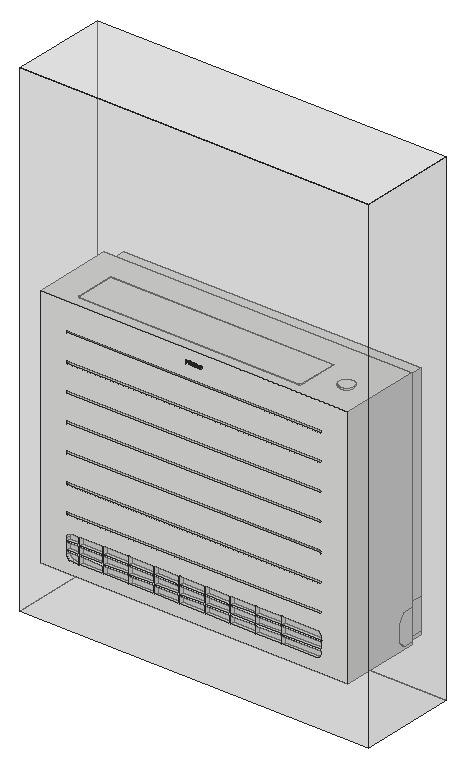
Revit family "outputfile", category 機械設備, Revit 2024
Family settings
  丸型コネクタ寸法 = 半径を使用
  パーツ タイプ = 標準
  OmniClass 番号 = 23.75.10.24.21.27.27
  OmniClass タイトル = Split System Air Conditioning Units
  作業面ベース = いいえ
  常に垂直 = はい
  ロード時にボイドで切り取り = いいえ
  注釈の向きを維持 = いいえ
  共有 = いいえ
  部屋計算ポイント = いいえ
Parameters (values of type "FVXM71YVMA")
  Description = ""
  書き出し IFC クラス(タイプ) = "IfcUnitaryEquipmentType"
  定義済み IFC タイプ(タイプ) = "AIRCONDITIONINGUNIT"
  Cost = 0
  Type Comments = ""
  Keynote = ""
  Type Image = (empty or 0)
  Assembly Code = ""
  switch_frequency = yes
  lw_powersupply [instance] = if(or(Rear Right Connection_refrigerant, Bottom Right Connection_refrigerant), 40.0 mm, if(or(Rear Left Connection_refrigerant, Bottom Left Connection_refrigerant), 630.0 mm, 40.0 mm))  # 40.0 mm
  lw_liquidpipe [instance] = if(or(Rear Right Connection_refrigerant, Bottom Right Connection_refrigerant), 60.0 mm, if(or(Rear Left Connection_refrigerant, Bottom Left Connection_refrigerant), 650.0 mm, 60.0 mm))  # 60.0 mm
  lw_gaspipe [instance] = if(or(Rear Right Connection_refrigerant, Bottom Right Connection_refrigerant), 60.0 mm, if(or(Rear Left Connection_refrigerant, Bottom Left Connection_refrigerant), 650.0 mm, 60.0 mm))  # 60.0 mm
  lw_drainpipe [instance] = if(or(Rear Right Connection_refrigerant, Bottom Right Connection_refrigerant), 80.0 mm, if(or(Rear Left Connection_refrigerant, Bottom Left Connection_refrigerant), 680.0 mm, 80.0 mm))  # 80.0 mm
  lh_liquidpipe [instance] = if(or(Bottom Left Connection_refrigerant, Bottom Right Connection_refrigerant), 258.0 mm, 60.0 mm)  # 60.0 mm
  lh_gaspipe [instance] = if(or(Bottom Left Connection_refrigerant, Bottom Right Connection_refrigerant), 211.0 mm, 40.0 mm)  # 40.0 mm
  lh_drainpipe [instance] = if(or(Bottom Left Connection_refrigerant, Bottom Right Connection_refrigerant), 95.0 mm, 20.0 mm)  # 20.0 mm
  ld_liquidpipe [instance] = if(or(Rear Left Connection_refrigerant, Rear Right Connection_refrigerant), 147.0 mm, 40.0 mm)  # 40.0 mm
  ld_gaspipe [instance] = if(or(Rear Left Connection_refrigerant, Rear Right Connection_refrigerant), 130.0 mm, 30.0 mm)  # 30.0 mm
  ld_drainpipe [instance] = if(or(Rear Left Connection_refrigerant, Rear Right Connection_refrigerant), 123.0 mm, 30.0 mm)  # 30.0 mm
  l_powersupply_length [instance] = if(Right Connection_refrigerant, 40.0 mm - 14.0 mm, if(Left Connection_refrigerant, 750.0 mm - 40.0 mm - 14.0 mm, if(or(Rear Left Connection_refrigerant, Rear Right Connection_refrigerant), 30.0 mm, 74.0 mm)))  # 26.0 mm
  l_liquidpipe_length [instance] = if(Right Connection_refrigerant, 60.0 mm - 14.0 mm, if(Left Connection_refrigerant, 750.0 mm - 60.0 mm - 14.0 mm, if(or(Rear Left Connection_refrigerant, Rear Right Connection_refrigerant), 147.0 mm, 258.0 mm)))  # 46.0 mm
  l_gaspipe_length [instance] = if(Right Connection_refrigerant, 60.0 mm - 14.0 mm, if(Left Connection_refrigerant, 750.0 mm - 60.0 mm - 14.0 mm, if(or(Rear Left Connection_refrigerant, Rear Right Connection_refrigerant), 130.0 mm, 211.0 mm)))  # 46.0 mm
  l_drainpipe_length [instance] = if(Right Connection_refrigerant, 80.0 mm - 14.0 mm, if(Left Connection_refrigerant, 750.0 mm - 80.0 mm - 14.0 mm, if(or(Rear Left Connection_refrigerant, Rear Right Connection_refrigerant), 123.0 mm, 95.0 mm)))  # 66.0 mm
  daikin_mountinghole = Depth = 350.0 mm  # no
  connector_voltage = Voltage_60Hz  # 220 V
  connector_powerinput = [Power Input (Cooling)]  # 1.970 kW
  connector_phase = Phase_60Hz  # 1
  angle_vertical [instance] = if(or(Bottom Left Connection_refrigerant, Bottom Right Connection_refrigerant), 0.00°, 90.00°)  # 90.00°
  angle_horizontal [instance] = if(Right Connection_refrigerant, 90.00°, if(Left Connection_refrigerant, -90.00°, if(or(Rear Left Connection_refrigerant, Rear Right Connection_refrigerant), 180.00°, 0.00°)))  # 90.00°
  Voltage_comment_60Hz = "220-230"
  Voltage_comment_50Hz = "220 - 240"
  Voltage_60Hz = 220 V
  Voltage_50Hz = 230 V
  URL = ""
  Total Heating Capacity [instance] = 0.000 kW
  Right Connection_refrigerant [instance] = yes
  製造元 = "Daikin"
  モデル = "FVXM71YVMA"
  r_Liquid Pipe Size = Liquid Pipe Size / 2  # 3.2 mm
  r_Gas Pipe Size = Gas Pipe Size / 2  # 6.35 mm
  r_Drain Pipe Size = Drain Pipe Size / 2  # 8.0 mm
  h*** = 0.0 mm  # constant formula
  Width = 750.0 mm
  Version = "ver.1.0"
  Unit Type = "Floor Standing"
  Unit Mass Weight = 18.00 kg
  Unit Designation [instance] = ""
  Uniclass2015Version = "Products v1.30"
  Uniclass2015Title = "Split coil room air conditioning units"
  Uniclass2015Code = "Pr_70_65_03_86"
  Total Cooling Capacity [instance] = 0.000 kW
  Sound Pressure Level_M speed (dBA) = 41
  Sound Pressure Level_L speed (dBA) = 36
  Sound Pressure Level_H speed (dBA) = 52
  Sound Power Level_H speed (dB) = 0
  Series = "Single Split_Fan Coil Unit"
  Sensible Cooling Capacity [instance] = 0.000 kW
  Refrigerant Type = "R32"
  Rear Right Connection_refrigerant [instance] = no
  Rear Left Connection_refrigerant [instance] = no
  Power Input (Heating) = 2.200 kW
  Power Input (Cooling) = 1.970 kW
  Phase_60Hz = 1
  Phase_50Hz = 1
  Option Accessory 3 [instance] = ""
  Option Accessory 2 [instance] = ""
  Option Accessory 1 [instance] = ""
  Nominal Heating Capacity = 8.000 kW
  Nominal Cooling Capacity = 6.700 kW
  Minimum External Static Pressure = 0.00 Pa
  Minimum Circuit Amps_60Hz = 0.0 A
  Minimum Circuit Amps_50Hz = 0.0 A
  Minimum Airflow = 468.00 m³/h
  Median Airflow = 582.00 m³/h
  Maximum Fuse Amps_60Hz = 0.0 A
  Maximum Fuse Amps_50Hz = 0.0 A
  Maximum External Static Pressure = 0.00 Pa
  Maximum Airflow = 876.00 m³/h
  Material_Casing = DAIKIN_White_Casing_indoorunit
  Load Classification = HVAC
  Liquid Pipe Size = 6.4 mm
  Link_Nested Family [instance] = ""
  Left Connection_refrigerant [instance] = no
  IfcVersion = ""
  IfcExportType = "AIRCONDITIONINGUNIT"
  IfcExportAs = "IfcUnitaryEquipmentType"
  Height = 600.0 mm
  Heating Entering Wet Bulb Temperature [instance] = -273.15 °C
  Heating Entering Dry Bulb Temperature [instance] = -273.15 °C
  Heating Ambient Wet Bulb Temperature [instance] = -273.15 °C
  Heating Ambient Dry Bulb Temperature [instance] = -273.15 °C
  Heat Exchanger Type = "Cross Fin Coil"
  Gas Pipe Size = 12.7 mm
  Frequency_60Hz = 60 Hz
  Frequency_50Hz = 50 Hz
  Fan Type = "Turbo Fan"
  Fan Drive = "-"
  FCU Tag No. [instance] = ""
  Drain Pipe Size = 16.0 mm
  Design Supply Airflow [instance] = 0.00 m³/h
  Design External Static Pressure [instance] = 0.00 Pa
  Depth = 238.0 mm
  既定の高さ = 0.0 mm
  Cooling Entering Wet Bulb Temperature [instance] = 0.00 °C
  Cooling Entering Dry Bulb Temperature [instance] = 0.00 °C
  Cooling Ambient Wet Bulb Temperature [instance] = 0.00 °C
  Cooling Ambient Dry Bulb Temperature [instance] = 0.00 °C
  Clearance visibility [instance] = yes
  Clearance Top = 467.0 mm
  Clearance Right = 50.0 mm
  Clearance Rear = 0.0 mm
  Clearance Left = 50.0 mm
  Clearance Front = 0.0 mm
  Clearance Bottom = 120.0 mm
  Bottom Right Connection_refrigerant [instance] = no
  Bottom Left Connection_refrigerant [instance] = no
Reference planes
  plane 1: z = 0
  plane 2 "Center (Left/Right)": x = 0
  plane 3 "Center (Front/Back)": y = -23
  plane 4 "Front": y = -142
  plane 5: x = 315
  plane 6: x = 315
  plane 7: z = 0
  plane 8: z = 467
  plane 9: z = -720
  plane 10: x = -425
  plane 11: x = 425
  plane 12: y = -142
  plane 13: y = 96
  plane 14 "Bottom": z = -600
  plane 15 "Left": x = -375
  plane 16 "Right": x = 375
  plane 17 "Top": z = 0
  plane 18 "Back": y = 96
  plane 19 "lh_drainpipe": z = -580
  plane 20 "ld_liquidpipe_gaspipe": y = 56
  plane 21 "ld_drainpipe": y = 66
  plane 22 "ld_powersupply": y = 66
  plane 23 "lh_liquidpipe": z = -540
  plane 24 "lh_gaspipe": z = -560
  plane 25 "ld_gaspipe": y = 66
  plane 26 "lw_drainpipe": x = 295
  plane 27 "lw_powersupply": x = 335
  plane 28 "lh_powersupply": z = -526
Dimensions and locks
  "Width": plane 16 "Right" to plane 15 "Left"
  equal spacing: plane 16 "Right", plane 2 "Center (Left/Right)", plane 15 "Left"
  "Clearance Rear": plane 13 to plane 18 "Back"
  "Clearance Right": plane 11 to plane 16 "Right"
  "Clearance Left": plane 15 "Left" to plane 10
  "Clearance Top": plane 8 to plane 17 "Top"
  "Clearance Bottom": plane 14 "Bottom" to plane 9
  "Height": plane 1 to plane 14 "Bottom"
  equal spacing: plane 18 "Back", plane 3 "Center (Front/Back)", plane 4 "Front"
  "Depth": plane 18 "Back" to plane 4 "Front"
  "Clearance Front": plane 4 "Front" to plane 12
  "ld_liquidpipe": plane 18 "Back" to plane 20 "ld_liquidpipe_gaspipe"
  "lh_liquidpipe": plane 23 "lh_liquidpipe" to plane 14 "Bottom"
  "lw_liquidpipe": plane 6 to plane 16 "Right"
  "ld_gaspipe": plane 18 "Back" to plane 25 "ld_gaspipe"
  "lw_gaspipe": plane 5 to plane 16 "Right"
  "lh_gaspipe": plane 24 "lh_gaspipe" to plane 14 "Bottom"
  "lh_drainpipe": plane 19 "lh_drainpipe" to plane 14 "Bottom"
  "lw_drainpipe": plane 26 "lw_drainpipe" to plane 16 "Right"
  "ld_drainpipe": plane 18 "Back" to plane 21 "ld_drainpipe"
  "lw_powersupply": plane 27 "lw_powersupply" to plane 16 "Right"
  locked: plane 18 "Back" to plane 22 "ld_powersupply" at 30
  locked: plane 28 "lh_powersupply" to plane 14 "Bottom" at 74
  aligned and locked: level to plane 1
  aligned and locked: nested 1 to plane 13
  aligned and locked: nested 1 to plane 12
  aligned and locked: plane 8 to nested 1
  aligned and locked: plane 9 to nested 1
  aligned and locked: plane 10 to nested 1
  aligned and locked: plane 11 to nested 1
  aligned and locked: nested 2 to plane 18 "Back"
  aligned and locked: plane 2 "Center (Left/Right)" to nested 2
  aligned and locked: plane 17 "Top" to nested 2
  aligned and locked: nested 3 to plane 20 "ld_liquidpipe_gaspipe"
  aligned and locked: plane 6 to nested 3
  aligned and locked: nested 4 to plane 25 "ld_gaspipe"
  aligned and locked: plane 5 to nested 4
  aligned and locked: plane 26 "lw_drainpipe" to nested 5
  aligned and locked: nested 5 to plane 21 "ld_drainpipe"
  aligned and locked: plane 27 "lw_powersupply" to nested 6
  aligned and locked: nested 6 to plane 22 "ld_powersupply"
  aligned and locked: plane 17 "Top" to plane 1
Nested families
  nested 1: "daikin_clearancespace" at (0, -23, -126.381), visible <- "Clearance visibility", show <- "Clearance visibility", Link_Nested Family <- "Link_Nested Family", type "daikin_clearancespace"
    with width 850.0 mm, show yes, height 1187.0 mm, depth 238.0 mm, Link_Nested Family ""
  nested 2: "DAIKIN_indoorunit_FVXM-YVMA" at (-31, 96, 0), type "FVXM-YVMA"
  nested 3: "daikin_connector_rotate3" at (315, 56, -540), angle_vertical <- "angle_vertical", angle_horizontal <- "angle_horizontal", radius <- "r_Liquid Pipe Size", length <- "l_liquidpipe_length", type "daikin_connector_rotate3"
    with show no, radius 3.2 mm, length 46.0 mm, angle_vertical 90.00°, angle_horizontal 90.00°
  nested 4: "daikin_connector_rotate3" at (315, 66, -560), angle_vertical <- "angle_vertical", angle_horizontal <- "angle_horizontal", length <- "l_gaspipe_length", radius <- "r_Gas Pipe Size", type "daikin_connector_rotate3"
    with show no, radius 6.35 mm, length 46.0 mm, angle_vertical 90.00°, angle_horizontal 90.00°
  nested 5: "daikin_connector_rotate3" at (295, 66, -580), angle_vertical <- "angle_vertical", angle_horizontal <- "angle_horizontal", length <- "l_drainpipe_length", radius <- "r_Drain Pipe Size", type "daikin_connector_rotate3"
    with show no, radius 8.0 mm, length 66.0 mm, angle_vertical 90.00°, angle_horizontal 90.00°
  nested 6: "daikin_connector_rotate3" at (335, 66, -526), angle_vertical <- "angle_vertical", angle_horizontal <- "angle_horizontal", length <- "l_powersupply_length", type "daikin_connector_rotate3"
    with show no, radius 10.0 mm, length 26.0 mm, angle_vertical 90.00°, angle_horizontal 90.00°
Connectors
  piping at (361, 56, -540), diameter 6.4, driven by "r_Liquid Pipe Size"
    settings: on nested 3, index 1, connector inside diameter 609.6 mm, connector length 0.0 mm, flow factor 0, pipe flow 0.00 m³/h, pressure drop 0.0 Pa, fitting loss kfactor 0, connector angle 0.00°, fixture units 0, engagement length 0.0 mm, angle of deflection 0.00°, flow configuration 1, flow direction 1, fitting loss method 0, system type 29, joint type 0, gender type 0, connector reference index -1, connector utility 0, adjustable connector no, is connector primary yes, connector description "Refrigerant Liquid Piping"
  piping at (361, 66, -560), diameter 12.7, driven by "r_Gas Pipe Size"
    settings: on nested 4, index 2, connector inside diameter 609.6 mm, connector length 0.0 mm, flow factor 0, pipe flow 0.00 m³/h, pressure drop 0.0 Pa, fitting loss kfactor 0, connector angle 0.00°, fixture units 0, engagement length 0.0 mm, angle of deflection 0.00°, flow configuration 1, flow direction 2, fitting loss method 0, system type 29, joint type 0, gender type 0, connector reference index -1, connector utility 0, adjustable connector no, is connector primary no, connector description "Refrigerant Gas Piping"
  piping at (361, 66, -580), diameter 16, driven by "r_Drain Pipe Size"
    settings: on nested 5, index 3, connector inside diameter 609.6 mm, connector length 0.0 mm, flow factor 0, pipe flow 0.00 m³/h, pressure drop 0.0 Pa, fitting loss kfactor 0, connector angle 0.00°, fixture units 0, engagement length 0.0 mm, angle of deflection 0.00°, flow configuration 1, flow direction 2, fitting loss method 4, system type 16, joint type 0, gender type 0, connector reference index -1, connector utility 0, adjustable connector no, is connector primary no, connector description "Condensate Drain Piping"
  electrical at (361, 66, -526), driven by "connector_phase", driven by "Load Classification", driven by "connector_voltage", driven by "connector_powerinput"
    settings: on nested 6, index 4, voltage 220 V, apparent load 1970 VA, apparent load phase1 0 VA, apparent load phase2 0 VA, apparent load phase3 0 VA, power factor 1, load classification "HVAC", number of poles 1, system type 30, power factor state 1, is connector primary yes, connector utility no, sub classification motor no, connector description "Power Supply"
Definition of nested family "daikin_clearancespace"
  Parameters (values of type "daikin_clearancespace")
    Description = "daikin_clearancespace"
    width [instance] = 1823.963 mm
    show [instance] = yes
    material = none
    height [instance] = 1359.762 mm
    depth [instance] = 880.0 mm
    Default Elevation = 0.0 mm
    Link_Nested Family [instance] = ""
  Reference planes
    plane 1 "Center (Front/Back)": y = 0
    plane 2 "Center (Elevation)": z = -0.119
    plane 3 "Center (Left/Right)": x = 0
    plane 4: y = 440
    plane 5: y = -440
    plane 6 "Right": x = 911.982
    plane 7 "Left": x = -911.982
    plane 8 "Top": z = 679.762
    plane 9 "Bottom": z = -680
  Forms (mm)
    Extrusion 1, solid, material <- "material", visible <- "show"
      sketch origin (0, 0, 0) x (1, 0, 0) y (0, 1, 0)
        loop
          line (-911.982, 440) -> (-911.982, -440) -> (911.982, -440) -> (911.982, 440) -> (-911.982, 440)
      from -680 to 679.762
  Lines and regions (mm)
    symbolic lines, visible <- "show"
      curve 1: line (911.982, 440, 0) -> (-911.982, 440, 0)
      curve 2: line (-911.982, 440, 0) -> (-911.982, -440, 0)
      curve 3: line (-911.982, -440, 0) -> (911.982, -440, 0)
      curve 4: line (911.982, -440, 0) -> (911.982, 440, 0)
      curve 5: line (911.982, 0, 679.762) -> (-911.982, 0, 679.762)
      curve 6: line (911.982, 0, -680) -> (911.982, 0, 679.762)
      curve 7: line (-911.982, 0, -680) -> (911.982, 0, -680)
      curve 8: line (-911.982, 0, 679.762) -> (-911.982, 0, -680)
      curve 9: line (0, 440, 679.762) -> (0, -440, 679.762)
      curve 10: line (0, -440, 679.762) -> (0, -440, -680)
      curve 11: line (0, 440, -680) -> (0, 440, 679.762)
      curve 12: line (0, -440, -680) -> (0, 440, -680)
  Dimensions and locks
    "width": plane 7 "Left" to plane 6 "Right"
    "depth": plane 4 to plane 5
    "height": plane 8 "Top" to plane 9 "Bottom"
    equal spacing: plane 7 "Left", plane 3 "Center (Left/Right)", plane 6 "Right"
    equal spacing: plane 4, plane 1 "Center (Front/Back)", plane 5
    equal spacing: plane 8 "Top", plane 2 "Center (Elevation)", plane 9 "Bottom"
    aligned and locked: level to plane 2 "Center (Elevation)"
    aligned and locked: Extrusion 1 sketch curve to plane 4
    aligned and locked: plane 7 "Left" to Extrusion 1 sketch curve
    aligned and locked: Extrusion 1 sketch curve to plane 5
    aligned and locked: Extrusion 1 sketch curve to plane 6 "Right"
    aligned and locked: plane 8 "Top" to Extrusion 1
    aligned and locked: curve 1 to Extrusion 1
    aligned and locked: curve 2 to Extrusion 1
    aligned and locked: curve 3 to Extrusion 1
    aligned and locked: curve 4 to Extrusion 1
    aligned and locked: curve 5 to Extrusion 1
    aligned and locked: curve 6 to Extrusion 1
    aligned and locked: curve 7 to Extrusion 1
    aligned and locked: curve 8 to Extrusion 1
    aligned and locked: curve 9 to Extrusion 1
    aligned and locked: curve 10 to Extrusion 1
    aligned and locked: curve 11 to Extrusion 1
    aligned and locked: curve 12 to Extrusion 1
    aligned and locked: Extrusion 1 to plane 9 "Bottom"
Definition of nested family "DAIKIN_indoorunit_FVXM-YVMA"
  Parameters (values of type "FVXM-YVMA")
    Width = 750.0 mm
    Material_Casing = none
    Height = 600.0 mm
    Default Elevation = 0.0 mm
  Reference planes
    plane 1 "Center (Front/Back)": y = 0
    plane 2 "reference_level": z = 0
    plane 3 "Center (Left/Right)": x = 31
    plane 4: x = -330
    plane 5: x = 392
    plane 6: z = -600
    plane 7: y = -238
    plane 8: x = -344
    plane 9: x = 406
    plane 10: z = -600
  Forms (mm)
    Extrusion 1, solid, material <- "Material_Casing"
      sketch origin (392, 3296.25, 1200) x (0, -1, 0) y (0, 0, 1)
        loop
          line (3296.25, -1715) -> (3296.25, -1790.3) -> (3314.25, -1790.3) -> (3341.25, -1790.3) -> (3341.25, -1715) -> (3312.25, -1715) -> (3296.25, -1715)
      from 0 to 5
    Extrusion 2, solid, material <- "Material_Casing"
      sketch origin (31, 2200, -600) x (-1, 0, 0) y (0, -1, 0)
        loop
          line (-276, 2220.469) -> (-276, 2333)
          arc (-276, 2333) -> (-280.393, 2343.607) -> (-291, 2348) r 15
          line (-291, 2348) -> (-331, 2348)
          arc (-331, 2348) -> (-341.607, 2343.607) -> (-346, 2333) r 15
          line (-346, 2333) -> (-346, 2220.469) -> (-276, 2220.469)
        loop
          arc (346, 2280.031) -> (344.335, 2283.756) -> (340.448, 2285) r 5
          line (340.448, 2285) -> (235.887, 2285)
          arc (235.887, 2285) -> (232.431, 2283.569) -> (231, 2280.113) r 4.887
          line (231, 2280.113) -> (231, 2220.469) -> (346, 2220.469) -> (346, 2280.031)
      from 0 to 5
    Extrusion 3, solid, material <- "Material_Casing"
      sketch origin (31, 2000, -50) x (0, 1, 0) y (0, 0, 1)
        loop
          line (-2045, 33) -> (-2045, -550) -> (-2000, -550) -> (-2000, 33) -> (-2045, 33)
      from -361 to 361
    Extrusion 4, solid, material <- "Material_Casing"
      sketch origin (31, 0, 0) x (1, 0, 0) y (0, 0, 1)
        loop
          circle (296, -542) r 58
        loop
          circle (-296, -542) r 58
      from 0 to 18
    Extrusion 5, solid, material <- "Material_Casing"
      sketch origin (-344, 3296.25, 1200) x (0, -1, 0) y (0, 0, -1)
        loop
          line (3341.25, 1715) -> (3355.25, 1715)
          arc (3355.25, 1715) -> (3370.807, 1721.444) -> (3377.25, 1737) r 22
          line (3377.25, 1737) -> (3377.25, 1768.3)
          arc (3377.25, 1768.3) -> (3370.807, 1783.856) -> (3355.25, 1790.3) r 22
          line (3355.25, 1790.3) -> (3341.25, 1790.3) -> (3341.25, 1715)
      from 0 to 5
    Extrusion 6, solid, material <- "Material_Casing"
      sketch origin (31, 0, 0) x (0, 1, 0) y (0, 0, 1)
        loop
          line (-238, -2) -> (-238, -596) -> (-229.5, -596) -> (-229.5, -600) -> (-45, -600) -> (-45, -2) -> (-238, -2)
      from -375 to 375
    Extrusion 7, void
      sketch origin (-663.497, -183, 1200) x (-1, 0, 0) y (0, 0, 1)
        loop
          line (-333.497, -1796) -> (-333.497, -1826) -> (-298.497, -1826) -> (-298.497, -1796) -> (-333.497, -1796)
        loop
          line (-1055.497, -1796) -> (-1090.497, -1796) -> (-1090.497, -1826) -> (-1055.497, -1826) -> (-1055.497, -1796)
      from -55 to 495
    Extrusion 8, solid, material <- "Material_Casing"
      sketch origin (0, 0, 0) x (1, 0, 0) y (0, 1, 0)
        loop
          circle (339.5, -158.981) r 18
      from -2 to 0
    Extrusion 9, void
      sketch origin (0, 0, 0) x (1, 0, 0) y (0, 1, 0)
        loop
          arc (-269.293, -211.674) -> (-2.048, -218.025) -> (265.245, -214.192) r 7016.372
          arc (265.245, -214.192) -> (268.673, -212.671) -> (270.079, -209.195) r 5
          line (270.079, -209.195) -> (270.079, -111.981) -> (-274.079, -111.981) -> (-274.079, -206.679)
          arc (-274.079, -206.679) -> (-272.689, -210.138) -> (-269.293, -211.674) r 5
      from -10 to 0
    Extrusion 10, solid, material <- "Material_Casing"
      sketch origin (0, 0, 0) x (1, 0, 0) y (0, 1, 0)
        loop
          arc (265.245, -214.192) -> (268.673, -212.671) -> (270.079, -209.195) r 5
          line (270.079, -209.195) -> (270.079, -111.981) -> (-274.079, -111.981) -> (-274.079, -206.679)
          arc (-274.079, -206.679) -> (-272.689, -210.138) -> (-269.293, -211.674) r 5
          arc (-269.293, -211.674) -> (-2.048, -218.025) -> (265.245, -214.192) r 7016.372
      from -10 to -2
    Extrusion 11, void
      sketch origin (-663.497, -183, 1200) x (-1, 0, 0) y (0, 0, 1)
        loop
          arc (-1002.372, -1264.5) -> (-1004.14, -1265.232) -> (-1004.872, -1267) r 2.5
          line (-1004.872, -1267) -> (-1004.872, -1269)
          arc (-1004.872, -1269) -> (-1004.286, -1270.414) -> (-1002.872, -1271) r 2
          line (-1002.872, -1271) -> (-386.123, -1271)
          arc (-386.123, -1271) -> (-384.709, -1270.414) -> (-384.123, -1269) r 2
          line (-384.123, -1269) -> (-384.123, -1267)
          arc (-384.123, -1267) -> (-384.855, -1265.232) -> (-386.623, -1264.5) r 2.5
          line (-386.623, -1264.5) -> (-1002.372, -1264.5)
        loop
          arc (-1002.372, -1330.5) -> (-1004.14, -1331.232) -> (-1004.872, -1333) r 2.5
          line (-1004.872, -1333) -> (-1004.872, -1335)
          arc (-1004.872, -1335) -> (-1004.286, -1336.414) -> (-1002.872, -1337) r 2
          line (-1002.872, -1337) -> (-386.123, -1337)
          arc (-386.123, -1337) -> (-384.709, -1336.414) -> (-384.123, -1335) r 2
          line (-384.123, -1335) -> (-384.123, -1333)
          arc (-384.123, -1333) -> (-384.855, -1331.232) -> (-386.623, -1330.5) r 2.5
          line (-386.623, -1330.5) -> (-1002.372, -1330.5)
        loop
          arc (-1002.372, -1396.5) -> (-1004.14, -1397.232) -> (-1004.872, -1399) r 2.5
          line (-1004.872, -1399) -> (-1004.872, -1401)
          arc (-1004.872, -1401) -> (-1004.286, -1402.414) -> (-1002.872, -1403) r 2
          line (-1002.872, -1403) -> (-386.123, -1403)
          arc (-386.123, -1403) -> (-384.709, -1402.414) -> (-384.123, -1401) r 2
          line (-384.123, -1401) -> (-384.123, -1399)
          arc (-384.123, -1399) -> (-384.855, -1397.232) -> (-386.623, -1396.5) r 2.5
          line (-386.623, -1396.5) -> (-1002.372, -1396.5)
        loop
          arc (-1002.372, -1462.5) -> (-1004.14, -1463.232) -> (-1004.872, -1465) r 2.5
          line (-1004.872, -1465) -> (-1004.872, -1467)
          arc (-1004.872, -1467) -> (-1004.286, -1468.414) -> (-1002.872, -1469) r 2
          line (-1002.872, -1469) -> (-386.123, -1469)
          arc (-386.123, -1469) -> (-384.709, -1468.414) -> (-384.123, -1467) r 2
          line (-384.123, -1467) -> (-384.123, -1465)
          arc (-384.123, -1465) -> (-384.855, -1463.232) -> (-386.623, -1462.5) r 2.5
          line (-386.623, -1462.5) -> (-1002.372, -1462.5)
        loop
          arc (-1002.372, -1528.5) -> (-1004.14, -1529.232) -> (-1004.872, -1531) r 2.5
          line (-1004.872, -1531) -> (-1004.872, -1533)
          arc (-1004.872, -1533) -> (-1004.286, -1534.414) -> (-1002.872, -1535) r 2
          line (-1002.872, -1535) -> (-386.123, -1535)
          arc (-386.123, -1535) -> (-384.709, -1534.414) -> (-384.123, -1533) r 2
          line (-384.123, -1533) -> (-384.123, -1531)
          arc (-384.123, -1531) -> (-384.855, -1529.232) -> (-386.623, -1528.5) r 2.5
          line (-386.623, -1528.5) -> (-1002.372, -1528.5)
        loop
          arc (-1002.372, -1594.5) -> (-1004.14, -1595.232) -> (-1004.872, -1597) r 2.5
          line (-1004.872, -1597) -> (-1004.872, -1599)
          arc (-1004.872, -1599) -> (-1004.286, -1600.414) -> (-1002.872, -1601) r 2
          line (-1002.872, -1601) -> (-386.123, -1601)
          arc (-386.123, -1601) -> (-384.709, -1600.414) -> (-384.123, -1599) r 2
          line (-384.123, -1599) -> (-384.123, -1597)
          arc (-384.123, -1597) -> (-384.855, -1595.232) -> (-386.623, -1594.5) r 2.5
          line (-386.623, -1594.5) -> (-1002.372, -1594.5)
        loop
          arc (-1002.372, -1660.5) -> (-1004.14, -1661.232) -> (-1004.872, -1663) r 2.5
          line (-1004.872, -1663) -> (-1004.872, -1665)
          arc (-1004.872, -1665) -> (-1004.286, -1666.414) -> (-1002.872, -1667) r 2
          line (-1002.872, -1667) -> (-386.123, -1667)
          arc (-386.123, -1667) -> (-384.709, -1666.414) -> (-384.123, -1665) r 2
          line (-384.123, -1665) -> (-384.123, -1663)
          arc (-384.123, -1663) -> (-384.855, -1661.232) -> (-386.623, -1660.5) r 2.5
          line (-386.623, -1660.5) -> (-1002.372, -1660.5)
        loop
          line (-907.024, -1705.5) -> (-907.024, -1724.25) -> (-845.397, -1724.25) -> (-845.397, -1705.5) -> (-907.024, -1705.5)
        loop
          line (-396.123, -1705.5) -> (-412.997, -1705.5) -> (-412.997, -1724.137) -> (-384.123, -1724.137) -> (-384.123, -1717.5)
          arc (-384.123, -1717.5) -> (-387.637, -1709.015) -> (-396.123, -1705.5) r 12
        loop
          line (-1004.872, -1724.399) -> (-908.997, -1724.399) -> (-908.997, -1705.5) -> (-992.872, -1705.5)
          arc (-992.872, -1705.5) -> (-1001.357, -1709.015) -> (-1004.872, -1717.5) r 12
          line (-1004.872, -1717.5) -> (-1004.872, -1724.399)
        loop
          line (-721.597, -1705.5) -> (-781.498, -1705.5) -> (-781.498, -1724.25) -> (-721.597, -1724.25) -> (-721.597, -1705.5)
        loop
          line (-783.497, -1705.5) -> (-843.398, -1705.5) -> (-843.398, -1724.25) -> (-783.497, -1724.25) -> (-783.497, -1705.5)
        loop
          line (-597.797, -1705.5) -> (-657.698, -1705.5) -> (-657.698, -1724.25) -> (-597.797, -1724.25) -> (-597.797, -1705.5)
        loop
          line (-659.697, -1705.5) -> (-719.598, -1705.5) -> (-719.598, -1724.25) -> (-659.697, -1724.25) -> (-659.697, -1705.5)
        loop
          line (-473.997, -1705.5) -> (-533.898, -1705.5) -> (-533.898, -1724.25) -> (-473.997, -1724.25) -> (-473.997, -1705.5)
        loop
          line (-535.897, -1705.5) -> (-595.798, -1705.5) -> (-595.798, -1724.25) -> (-535.897, -1724.25) -> (-535.897, -1705.5)
        loop
          line (-414.913, -1705.5) -> (-471.998, -1705.5) -> (-471.998, -1724.25) -> (-414.973, -1724.25) -> (-414.913, -1705.5)
        loop
          line (-907.024, -1766.5) -> (-845.397, -1766.5) -> (-845.397, -1747.75) -> (-907.024, -1747.75) -> (-907.024, -1766.5)
        loop
          arc (-396.123, -1766.5) -> (-387.637, -1762.985) -> (-384.123, -1754.5) r 12
          line (-384.123, -1754.5) -> (-384.123, -1747.863) -> (-412.997, -1747.863) -> (-412.997, -1766.5) -> (-396.123, -1766.5)
        loop
          line (-1004.872, -1747.601) -> (-1004.872, -1754.5)
          arc (-1004.872, -1754.5) -> (-1001.357, -1762.985) -> (-992.872, -1766.5) r 12
          line (-992.872, -1766.5) -> (-908.997, -1766.5) -> (-908.997, -1747.601) -> (-1004.872, -1747.601)
        loop
          line (-721.597, -1766.5) -> (-721.597, -1747.75) -> (-781.498, -1747.75) -> (-781.498, -1766.5) -> (-721.597, -1766.5)
        loop
          line (-783.497, -1766.5) -> (-783.497, -1747.75) -> (-843.398, -1747.75) -> (-843.398, -1766.5) -> (-783.497, -1766.5)
        loop
          line (-597.797, -1766.5) -> (-597.797, -1747.75) -> (-657.698, -1747.75) -> (-657.698, -1766.5) -> (-597.797, -1766.5)
        loop
          line (-659.697, -1766.5) -> (-659.697, -1747.75) -> (-719.598, -1747.75) -> (-719.598, -1766.5) -> (-659.697, -1766.5)
        loop
          line (-473.997, -1766.5) -> (-473.997, -1747.75) -> (-533.898, -1747.75) -> (-533.898, -1766.5) -> (-473.997, -1766.5)
        loop
          line (-535.897, -1766.5) -> (-535.897, -1747.75) -> (-595.798, -1747.75) -> (-595.798, -1766.5) -> (-535.897, -1766.5)
        loop
          line (-414.913, -1766.5) -> (-414.973, -1747.75) -> (-471.998, -1747.75) -> (-471.998, -1766.5) -> (-414.913, -1766.5)
        loop
          line (-384.123, -1726.863) -> (-412.997, -1726.863) -> (-412.997, -1745.137) -> (-384.123, -1745.137) -> (-384.123, -1726.863)
        loop
          line (-471.998, -1745.25) -> (-415.039, -1745.25) -> (-415.039, -1726.863) -> (-471.998, -1726.863) -> (-471.998, -1745.25)
        loop
          line (-533.897, -1745.25) -> (-473.997, -1745.25) -> (-473.997, -1726.863) -> (-533.897, -1726.863) -> (-533.897, -1745.25)
        loop
          line (-595.797, -1745.25) -> (-535.897, -1745.25) -> (-535.897, -1726.863) -> (-595.797, -1726.863) -> (-595.797, -1745.25)
        loop
          line (-657.697, -1745.25) -> (-597.797, -1745.25) -> (-597.797, -1726.863) -> (-657.697, -1726.863) -> (-657.697, -1745.25)
        loop
          line (-719.597, -1745.25) -> (-659.697, -1745.25) -> (-659.697, -1726.863) -> (-719.597, -1726.863) -> (-719.597, -1745.25)
        loop
          line (-781.497, -1745.25) -> (-721.597, -1745.25) -> (-721.597, -1726.863) -> (-781.497, -1726.863) -> (-781.497, -1745.25)
        loop
          line (-843.397, -1745.25) -> (-783.497, -1745.25) -> (-783.497, -1726.863) -> (-843.397, -1726.863) -> (-843.397, -1745.25)
        loop
          line (-906.955, -1745.25) -> (-845.397, -1745.25) -> (-845.397, -1726.863) -> (-906.955, -1726.863) -> (-906.955, -1745.25)
        loop
          line (-1004.872, -1745.25) -> (-908.997, -1745.25) -> (-908.997, -1726.863) -> (-1004.872, -1726.863) -> (-1004.872, -1745.25)
      from -200 to -45.918
    Extrusion 12, solid, material <- "Material_Casing"
      sketch origin (-330, 3296.25, 1200) x (0, -1, 0) y (0, 0, -1)
        loop
          line (3296.25, 1715) -> (3312.25, 1715) -> (3341.25, 1715) -> (3341.25, 1790.3) -> (3314.25, 1790.3) -> (3296.25, 1790.3) -> (3296.25, 1715)
      from 0 to 5
    Extrusion 13, solid, material <- "Material_Casing"
      sketch origin (406, 3296.25, 1200) x (0, -1, 0) y (0, 0, 1)
        loop
          line (3341.25, -1715) -> (3341.25, -1790.3) -> (3355.25, -1790.3)
          arc (3355.25, -1790.3) -> (3370.807, -1783.856) -> (3377.25, -1768.3) r 22
          line (3377.25, -1768.3) -> (3377.25, -1737)
          arc (3377.25, -1737) -> (3370.807, -1721.444) -> (3355.25, -1715) r 22
          line (3355.25, -1715) -> (3341.25, -1715)
      from 0 to 5
  Cuts and joins
    Extrusion 7, Extrusion 9, Extrusion 11 cuts Extrusion 6
    Extrusion 11 cuts Extrusion 3
  Lines and regions (mm)
    reference lines
      curve 1: line (0, -237.748, -22.637) -> (0, -237.748, -29.433)
  Dimensions and locks
    plane 5 to plane 4 = 722.0 mm
    Extrusion 4 sketch curve to plane 4 = 65.0 mm
    plane 5 to Extrusion 4 sketch curve = 65.0 mm
    Extrusion 4 sketch curve to plane 6 = 58.0 mm  (x2)
    equal spacing: plane 5, plane 3 "Center (Left/Right)", plane 4
    level to plane 6 = 600.0 mm
    equal spacing: plane 8, plane 3 "Center (Left/Right)", plane 9
    "Width": plane 8 to plane 9
    locked: plane 1 "Center (Front/Back)" to plane 7 at 238
    locked: plane 2 "reference_level" to plane 10 at 600
    locked: Extrusion 3 sketch curve to level at 600
    locked: plane 10 to Extrusion 1 sketch curve at 85
    locked: Extrusion 2 sketch curve to plane 1 "Center (Front/Back)" at 148
    locked: Extrusion 2 sketch curve to Extrusion 2 sketch curve at 70
    locked: Extrusion 2 sketch curve to plane 9 at 29
    locked: Extrusion 2 sketch curve to Extrusion 2 sketch curve at 115
    locked: plane 8 to Extrusion 2 sketch curve at 29
    locked: Extrusion 2 sketch curve to plane 1 "Center (Front/Back)" at 85
    locked: plane 10 to Extrusion 3 sketch curve at 583
    diameter of Extrusion 4 sketch curve = 116.0 mm  (x2)
    aligned and locked: level to plane 2 "reference_level"
  Automatic sketch dimensions
    Extrusion 1 sketch curve to plane 1 "Center (Front/Back)" = 0.0 mm
    plane 1 "Center (Front/Back)" to Extrusion 1 sketch curve = 16.0 mm
    plane 1 "Center (Front/Back)" to Extrusion 1 sketch curve = 18.0 mm
    Extrusion 1 sketch curve to Extrusion 1 sketch curve = 29.0 mm
    plane 10 to Extrusion 1 sketch curve = 9.7 mm
    Extrusion 2 sketch curve to Extrusion 2 sketch curve = 15.0 mm  (x2)
    Extrusion 2 sketch curve to Extrusion 2 sketch curve = 4.887 mm
    Extrusion 2 sketch curve to Extrusion 2 sketch curve = 5.552 mm
    Extrusion 2 sketch curve to Extrusion 2 sketch curve = 0.552 mm
    plane 1 "Center (Front/Back)" to Extrusion 2 sketch curve = 20.469 mm  (x2)
    Extrusion 3 sketch curve to plane 1 "Center (Front/Back)" = 0.0 mm
    plane 1 "Center (Front/Back)" to Extrusion 3 sketch curve = 45.0 mm
    plane 7 to curve 1 = 0.252 mm
    curve 1 to level = 29.433 mm
    curve 1 to curve 1 = 6.796 mm
    plane 1 "Center (Front/Back)" to Extrusion 5 sketch curve = 45.0 mm
    Extrusion 5 sketch curve to Extrusion 5 sketch curve = 14.0 mm  (x2)
    Extrusion 5 sketch curve to Extrusion 5 sketch curve = 22.0 mm
    plane 10 to Extrusion 5 sketch curve = 85.0 mm
    Extrusion 5 sketch curve to Extrusion 5 sketch curve = 31.3 mm
    Extrusion 6 sketch curve to plane 7 = 0.0 mm
    Extrusion 6 sketch curve to plane 10 = 0.0 mm
    plane 10 to Extrusion 6 sketch curve = 4.0 mm
    plane 7 to Extrusion 6 sketch curve = 8.5 mm
    plane 1 "Center (Front/Back)" to Extrusion 6 sketch curve = 45.0 mm
    Extrusion 6 sketch curve to level = 2.0 mm
    plane 10 to Extrusion 7 sketch curve = 4.0 mm  (x2)
    Extrusion 7 sketch curve to plane 9 = 21.0 mm
    plane 9 to Extrusion 7 sketch curve = 14.0 mm
    plane 8 to Extrusion 7 sketch curve = 14.0 mm
    Extrusion 7 sketch curve to plane 8 = 21.0 mm
    Extrusion 7 sketch curve to plane 10 = 26.0 mm  (x2)
    Extrusion 9 sketch curve to plane 3 "Center (Left/Right)" = 0.0 mm
    plane 7 to Extrusion 9 sketch curve = 31.321 mm
    plane 8 to Extrusion 9 sketch curve = 74.921 mm
    plane 8 to Extrusion 9 sketch curve = 69.921 mm
    plane 7 to Extrusion 9 sketch curve = 28.805 mm
    plane 9 to Extrusion 9 sketch curve = 140.921 mm
    Extrusion 9 sketch curve to Extrusion 9 sketch curve = 5.0 mm
    Extrusion 9 sketch curve to Extrusion 9 sketch curve = 94.698 mm
    Extrusion 9 sketch curve to plane 1 "Center (Front/Back)" = 6798.269 mm
    Extrusion 9 sketch curve to Extrusion 9 sketch curve = 0.0 mm
    Extrusion 10 sketch curve to plane 3 "Center (Left/Right)" = 0.0 mm
    plane 8 to Extrusion 10 sketch curve = 74.921 mm
    plane 8 to Extrusion 10 sketch curve = 69.921 mm
    plane 7 to Extrusion 10 sketch curve = 28.805 mm
    plane 9 to Extrusion 10 sketch curve = 140.921 mm
    Extrusion 10 sketch curve to Extrusion 10 sketch curve = 5.0 mm
    plane 7 to Extrusion 10 sketch curve = 31.321 mm
    Extrusion 10 sketch curve to Extrusion 10 sketch curve = 97.214 mm
    Extrusion 10 sketch curve to plane 1 "Center (Front/Back)" = 6798.269 mm
    Extrusion 10 sketch curve to Extrusion 10 sketch curve = 0.0 mm
    plane 9 to Extrusion 11 sketch curve = 64.625 mm  (x5)
    Extrusion 11 sketch curve to Extrusion 11 sketch curve = 0.0 mm  (x51)
    Extrusion 11 sketch curve to Extrusion 11 sketch curve = 2.0 mm  (x17)
    Extrusion 11 sketch curve to Extrusion 11 sketch curve = 2.5 mm  (x13)
    Extrusion 11 sketch curve to Extrusion 11 sketch curve = 0.5 mm  (x12)
    Extrusion 11 sketch curve to Extrusion 11 sketch curve = 12.0 mm  (x3)
    Extrusion 11 sketch curve to Extrusion 11 sketch curve = 83.875 mm
    Extrusion 11 sketch curve to Extrusion 11 sketch curve = 1.974 mm  (x2)
    Extrusion 11 sketch curve to Extrusion 11 sketch curve = 2.042 mm  (x2)
    Extrusion 11 sketch curve to Extrusion 11 sketch curve = 61.559 mm
    Extrusion 11 sketch curve to Extrusion 11 sketch curve = 1.998 mm  (x15)
    Extrusion 11 sketch curve to Extrusion 11 sketch curve = 1.999 mm  (x6)
    Extrusion 11 sketch curve to Extrusion 11 sketch curve = 59.901 mm  (x3)
    plane 3 "Center (Left/Right)" to Extrusion 11 sketch curve = 27.099 mm
    Extrusion 11 sketch curve to plane 3 "Center (Left/Right)" = 34.801 mm
    Extrusion 11 sketch curve to Extrusion 11 sketch curve = 59.902 mm
    Extrusion 11 sketch curve to Extrusion 11 sketch curve = 56.959 mm
    Extrusion 11 sketch curve to Extrusion 11 sketch curve = 0.067 mm  (x2)
    plane 10 to Extrusion 11 sketch curve = 33.5 mm  (x3)
    Extrusion 11 sketch curve to Extrusion 11 sketch curve = 0.059 mm  (x2)
    Extrusion 11 sketch curve to Extrusion 11 sketch curve = 1.975 mm  (x2)
    Extrusion 11 sketch curve to Extrusion 11 sketch curve = 16.875 mm  (x2)
    plane 8 to Extrusion 11 sketch curve = 67.125 mm  (x3)
    Extrusion 11 sketch curve to Extrusion 11 sketch curve = 9.5 mm
    Extrusion 11 sketch curve to Extrusion 11 sketch curve = 6.637 mm  (x2)
    Extrusion 11 sketch curve to Extrusion 11 sketch curve = 18.75 mm  (x4)
    Extrusion 11 sketch curve to Extrusion 11 sketch curve = 0.113 mm  (x2)
    Extrusion 11 sketch curve to Extrusion 11 sketch curve = 6.899 mm  (x2)
    Extrusion 11 sketch curve to Extrusion 11 sketch curve = 2.351 mm
    Extrusion 11 sketch curve to Extrusion 11 sketch curve = 18.387 mm  (x7)
    Extrusion 11 sketch curve to Extrusion 11 sketch curve = 18.275 mm
    Extrusion 11 sketch curve to Extrusion 11 sketch curve = 2.463 mm
    Extrusion 11 sketch curve to Extrusion 11 sketch curve = 2.613 mm  (x4)
    Extrusion 11 sketch curve to Extrusion 11 sketch curve = 2.725 mm
    Extrusion 11 sketch curve to Extrusion 11 sketch curve = 38.5 mm
    Extrusion 11 sketch curve to Extrusion 11 sketch curve = 59.5 mm  (x6)
    Extrusion 12 sketch curve to plane 1 "Center (Front/Back)" = 0.0 mm
    plane 1 "Center (Front/Back)" to Extrusion 12 sketch curve = 16.0 mm
    plane 1 "Center (Front/Back)" to Extrusion 12 sketch curve = 18.0 mm
    Extrusion 12 sketch curve to Extrusion 12 sketch curve = 29.0 mm
    plane 10 to Extrusion 12 sketch curve = 85.0 mm
    plane 10 to Extrusion 12 sketch curve = 9.7 mm
    plane 1 "Center (Front/Back)" to Extrusion 13 sketch curve = 45.0 mm
    Extrusion 13 sketch curve to Extrusion 13 sketch curve = 14.0 mm  (x2)
    Extrusion 13 sketch curve to Extrusion 13 sketch curve = 22.0 mm
    plane 10 to Extrusion 13 sketch curve = 9.7 mm
    Extrusion 13 sketch curve to Extrusion 13 sketch curve = 31.3 mm
  Nested families
    nested 1: "daikin_logo_plane_w40" at (31, -237.677, -26.888) x (1, 0, 0) z (0, -1, 0), type "daikin_logo_plane_w40"
      with show_logo yes
  Definition of nested family "daikin_logo_plane_w40"
    Parameters (values of type "daikin_logo_plane_w40")
      width = 40.0 mm
      show_logo [instance] = yes
      material = none
      height = 0.0 mm
      depth = 0.0 mm
      Default Elevation = 1219.2 mm
    Reference planes
      plane 1 "Center (Front/Back)": y = 0
      plane 2: z = 0
      plane 3 "Center (Left/Right)": x = 0
      plane 4: z = 2
      plane 5 "left": x = -19
      plane 6: x = 19
    Forms (mm)
      Extrusion 1, solid, visible <- "show_logo"
        sketch origin (-19, 0, 0) x (1, 0, 0) y (0, 1, 0)
          loop
            line (8.902, -1.878) -> (7.789, -6.332) -> (11.13, -6.332)
            arc (11.13, -6.332) -> (12.454, -6.064) -> (13.472, -5.176) r 2.642
            arc (13.472, -5.176) -> (13.92, -4.02) -> (13.767, -2.79) r 2.537
            arc (13.767, -2.79) -> (13.452, -2.342) -> (12.982, -2.06) r 1.321
            arc (12.982, -2.06) -> (12.063, -1.902) -> (11.13, -1.878) r 6.479
            line (11.13, -1.878) -> (8.902, -1.878)
          loop
            line (10.016, -5.441) -> (10.907, -5.441)
            arc (10.907, -5.441) -> (11.591, -4.983) -> (11.988, -4.261) r 1.742
            spline (11.988, -4.261) -> (12.01, -4.155) -> (12.027, -4.03) -> (12.037, -3.893) -> (12.037, -3.747) -> (12.026, -3.598) -> (12.002, -3.451) -> (11.962, -3.31) -> (11.905, -3.181) -> (11.829, -3.069) -> (11.731, -2.978) -> (11.61, -2.913) -> (11.464, -2.88)
            line (11.464, -2.88) -> (10.573, -2.88) -> (10.016, -5.441)
          loop
            line (13.58, -6.332) -> (14.805, -6.332) -> (15.223, -5.553) -> (16.977, -5.553) -> (17.144, -6.332) -> (19.149, -6.332) -> (18.258, -1.878) -> (16.03, -1.878) -> (13.58, -6.332)
          loop
            line (16.476, -3.214) -> (15.76, -4.551) -> (16.762, -4.551) -> (16.476, -3.214)
          loop
            line (19.705, -6.332) -> (21.599, -6.332) -> (22.712, -1.878) -> (20.819, -1.878) -> (19.705, -6.332)
          loop
            line (22.712, -6.332) -> (24.606, -6.332) -> (24.908, -5.122) -> (25.831, -6.332) -> (28.17, -6.332) -> (26.388, -3.994) -> (28.949, -1.878) -> (26.945, -1.878) -> (25.401, -3.153) -> (25.719, -1.878) -> (23.826, -1.878) -> (22.712, -6.332)
          loop
            line (29.84, -1.878) -> (28.615, -6.332) -> (30.62, -6.332) -> (31.734, -1.878) -> (29.84, -1.878)
          loop
            line (31.734, -6.332) -> (33.07, -6.332) -> (33.7, -3.814) -> (34.518, -6.332) -> (36.745, -6.332) -> (37.859, -1.878) -> (36.523, -1.878) -> (35.845, -4.589) -> (34.963, -1.878) -> (32.847, -1.878) -> (31.734, -6.332)
        from 0 to 2
      Extrusion 2, solid, visible <- "show_logo"
        sketch origin (-19, 0, 0) x (1, 0, 0) y (0, 1, 0)
          loop
            line (8.7, 0) -> (4.235, 0) -> (0, -3.879) -> (0, -8) -> (8.7, 0)
        from 0 to 2
      Extrusion 3, solid, visible <- "show_logo"
        sketch origin (-19, 0, 0) x (1, 0, 0) y (0, 1, 0)
          loop
            line (0, 0) -> (0, -3.879) -> (4.235, 0) -> (0, 0)
        from 0 to 2
    Dimensions and locks
      plane 4 to plane 2 = 2.0 mm
      equal spacing: plane 5 "left", plane 3 "Center (Left/Right)", plane 6
      locked: plane 5 "left" to plane 6 at 38
      aligned and locked: level to plane 2
      aligned and locked: Extrusion 3 to plane 1 "Center (Front/Back)"  (x2)
      aligned and locked: Extrusion 2 to plane 1 "Center (Front/Back)"  (x2)
      aligned and locked: plane 4 to Extrusion 1
      aligned and locked: plane 4 to Extrusion 3
      aligned and locked: plane 4 to Extrusion 2
      aligned and locked: Extrusion 3 to plane 5 "left"
      aligned and locked: Extrusion 2 to plane 5 "left"
    Automatic sketch dimensions
      Extrusion 1 sketch curve to Extrusion 1 sketch curve = 0.901 mm
      Extrusion 1 sketch curve to Extrusion 1 sketch curve = 1.559 mm
      Extrusion 1 sketch curve to Extrusion 1 sketch curve = 1.327 mm
      Extrusion 1 sketch curve to Extrusion 1 sketch curve = 2.145 mm
      Extrusion 1 sketch curve to Extrusion 1 sketch curve = 1.448 mm
      Extrusion 1 sketch curve to Extrusion 1 sketch curve = 2.116 mm
      Extrusion 1 sketch curve to Extrusion 1 sketch curve = 1.114 mm  (x4)
      Extrusion 1 sketch curve to Extrusion 1 sketch curve = 1.336 mm  (x2)
      plane 1 "Center (Front/Back)" to Extrusion 1 sketch curve = 1.878 mm  (x5)
      Extrusion 1 sketch curve to Extrusion 1 sketch curve = 1.893 mm  (x5)
      Extrusion 1 sketch curve to Extrusion 1 sketch curve = 0.891 mm  (x4)
      Extrusion 1 sketch curve to Extrusion 1 sketch curve = 2.005 mm  (x3)
      Extrusion 1 sketch curve to Extrusion 1 sketch curve = 0.445 mm  (x2)
      plane 1 "Center (Front/Back)" to Extrusion 1 sketch curve = 3.994 mm
      Extrusion 1 sketch curve to Extrusion 1 sketch curve = 0.557 mm  (x2)
      Extrusion 1 sketch curve to Extrusion 1 sketch curve = 2.339 mm  (x2)
      Extrusion 1 sketch curve to Extrusion 1 sketch curve = 1.225 mm  (x3)
      plane 1 "Center (Front/Back)" to Extrusion 1 sketch curve = 3.153 mm
      Extrusion 1 sketch curve to Extrusion 1 sketch curve = 0.987 mm
      plane 1 "Center (Front/Back)" to Extrusion 1 sketch curve = 5.122 mm
      Extrusion 1 sketch curve to Extrusion 1 sketch curve = 0.922 mm
      plane 1 "Center (Front/Back)" to Extrusion 1 sketch curve = 6.332 mm
      Extrusion 1 sketch curve to Extrusion 1 sketch curve = 2.562 mm
      plane 1 "Center (Front/Back)" to Extrusion 1 sketch curve = 5.553 mm
      Extrusion 1 sketch curve to Extrusion 1 sketch curve = 0.167 mm
      Extrusion 1 sketch curve to Extrusion 1 sketch curve = 0.215 mm
      plane 1 "Center (Front/Back)" to Extrusion 1 sketch curve = 3.214 mm
      Extrusion 1 sketch curve to Extrusion 1 sketch curve = 0.286 mm
      plane 1 "Center (Front/Back)" to Extrusion 1 sketch curve = 4.551 mm
      Extrusion 1 sketch curve to Extrusion 1 sketch curve = 1.002 mm
      Extrusion 1 sketch curve to Extrusion 1 sketch curve = 0.537 mm
      Extrusion 1 sketch curve to Extrusion 1 sketch curve = 0.418 mm
      Extrusion 1 sketch curve to Extrusion 1 sketch curve = 1.028 mm
      plane 1 "Center (Front/Back)" to Extrusion 1 sketch curve = 4.261 mm
      Extrusion 1 sketch curve to Extrusion 1 sketch curve = 0.563 mm
      plane 1 "Center (Front/Back)" to Extrusion 1 sketch curve = 2.88 mm
      Extrusion 1 sketch curve to Extrusion 1 sketch curve = 1.088 mm
      Extrusion 1 sketch curve to Extrusion 1 sketch curve = 2.152 mm
      Extrusion 1 sketch curve to Extrusion 1 sketch curve = 0.586 mm
      Extrusion 1 sketch curve to Extrusion 1 sketch curve = 0.118 mm
      Extrusion 1 sketch curve to Extrusion 1 sketch curve = 0.298 mm
      Extrusion 1 sketch curve to Extrusion 1 sketch curve = 0.334 mm
      Extrusion 1 sketch curve to Extrusion 1 sketch curve = 0.223 mm
      Extrusion 1 sketch curve to Extrusion 1 sketch curve = 0.266 mm
      Extrusion 1 sketch curve to Extrusion 1 sketch curve = 1.671 mm
      Extrusion 1 sketch curve to Extrusion 1 sketch curve = 2.227 mm
      Extrusion 1 sketch curve to Extrusion 1 sketch curve = 0.0 mm  (x7)
      Extrusion 1 sketch curve to Extrusion 1 sketch curve = 3.453 mm
      Extrusion 1 sketch curve to Extrusion 1 sketch curve = 2.017 mm
      Extrusion 1 sketch curve to Extrusion 1 sketch curve = 0.78 mm  (x2)
      Extrusion 1 sketch curve to Extrusion 1 sketch curve = 1.743 mm
      Extrusion 1 sketch curve to Extrusion 1 sketch curve = 0.775 mm
      Extrusion 1 sketch curve to Extrusion 1 sketch curve = 0.552 mm
      Extrusion 1 sketch curve to Extrusion 1 sketch curve = 0.014 mm
      Extrusion 1 sketch curve to Extrusion 1 sketch curve = 0.952 mm
      Extrusion 1 sketch curve to Extrusion 1 sketch curve = 1.215 mm
      Extrusion 1 sketch curve to Extrusion 1 sketch curve = 0.108 mm
      plane 1 "Center (Front/Back)" to Extrusion 2 sketch curve = 0.0 mm
      Extrusion 2 sketch curve to plane 3 "Center (Left/Right)" = 19.0 mm
      Extrusion 2 sketch curve to plane 3 "Center (Left/Right)" = 14.765 mm
      Extrusion 2 sketch curve to Extrusion 2 sketch curve = 4.465 mm
      plane 1 "Center (Front/Back)" to Extrusion 2 sketch curve = 3.879 mm
      Extrusion 2 sketch curve to Extrusion 2 sketch curve = 4.12 mm
      plane 1 "Center (Front/Back)" to Extrusion 3 sketch curve = 0.0 mm
      Extrusion 3 sketch curve to plane 3 "Center (Left/Right)" = 19.0 mm
      Extrusion 3 sketch curve to plane 3 "Center (Left/Right)" = 14.765 mm
      plane 1 "Center (Front/Back)" to Extrusion 3 sketch curve = 3.879 mm
      Extrusion 1 sketch curve to plane 3 "Center (Left/Right)" = 11.211 mm
      Extrusion 1 sketch curve to Extrusion 1 sketch curve = 1.782 mm
Definition of nested family "daikin_connector_rotate3"
  Parameters (values of type "daikin_connector_rotate3")
    show [instance] = yes
    radius [instance] = 10.0 mm
    length [instance] = 600.0 mm
    angle_horizontal [instance] = 60.00°
    angle_vertical [instance] = 90.00°
    Default Elevation = 1219.2 mm
  Reference planes
    plane 1 "Center (Front/Back)": y = 0
    plane 2: z = 0
    plane 3 "Center (Left/Right)": x = 0
  Dimensions and locks
    "angle_horizontal": angle plane 3 "Center (Left/Right)" to nested 1
    aligned and locked: level to plane 2
    aligned and locked: plane 1 "Center (Front/Back)" to nested 1  (x2)
    aligned and locked: plane 3 "Center (Left/Right)" to nested 1
  Nested families
    nested 1: "daikin_connector_rotate2" at (0, 0, 0) x (0.5, 0.866, 0) z (0, 0, 1), angle_vertical <- "angle_vertical", length <- "length", radius <- "radius", type "daikin_connector_rotate2"
      with radius 10.0 mm, length 600.0 mm, angle_vertical 90.00°
  Definition of nested family "daikin_connector_rotate2"
    Parameters (values of type "daikin_connector_rotate2")
      show_face = yes
      radius [instance] = 10.0 mm
      length [instance] = 600.0 mm
      d_surface = 10.0 mm
      angle_vertical [instance] = 90.00°
      Default Elevation = 0.0 mm
    Reference planes
      plane 1 "Center (Front/Back)": y = 0
      plane 2: z = 0
      plane 3 "Center (Left/Right)": x = 0
    Forms (mm)
      Extrusion 1, solid, visible <- "show_face"
        sketch origin (0, -600, 0) x (1, 0, 0) y (0, 0, 1)
          loop
            circle (0, 0) r 10
        from 0 to -10
    Lines and regions (mm)
      reference lines
        curve 1: line (0, 0, 0) -> (0, -600, 0)
      symbolic lines
        curve 2: circle (0, 0, 0) r 5 normal (0, 0, 1)
      model lines, visible <- "show_face"
        curve 3: line (0, 0, 0) -> (0, -600, 0)
    Dimensions and locks
      "length": curve 1 to curve 1
      "length": curve 3 to curve 3
      "d_surface": Extrusion 1 to Extrusion 1
      "radius": radius of Extrusion 1 sketch curve
      "angle_vertical": angle curve 1 to plane 1 "Center (Front/Back)"
      "angle_vertical": angle curve 3 to plane 1 "Center (Front/Back)"
      aligned and locked: level to plane 2
      aligned and locked: plane 1 "Center (Front/Back)" to curve 1
      aligned and locked: plane 2 to curve 1
      aligned and locked: plane 1 "Center (Front/Back)" to curve 2
      aligned and locked: plane 3 "Center (Left/Right)" to curve 2
      aligned and locked: plane 1 "Center (Front/Back)" to curve 3
      aligned and locked: plane 2 to curve 3
      aligned and locked: Extrusion 1 to Extrusion 1
    Automatic sketch dimensions
      Extrusion 1 sketch curve to level = 0.0 mm
      Extrusion 1 sketch curve to plane 3 "Center (Left/Right)" = 0.0 mm
      radius of curve 2 = 5.0 mm
